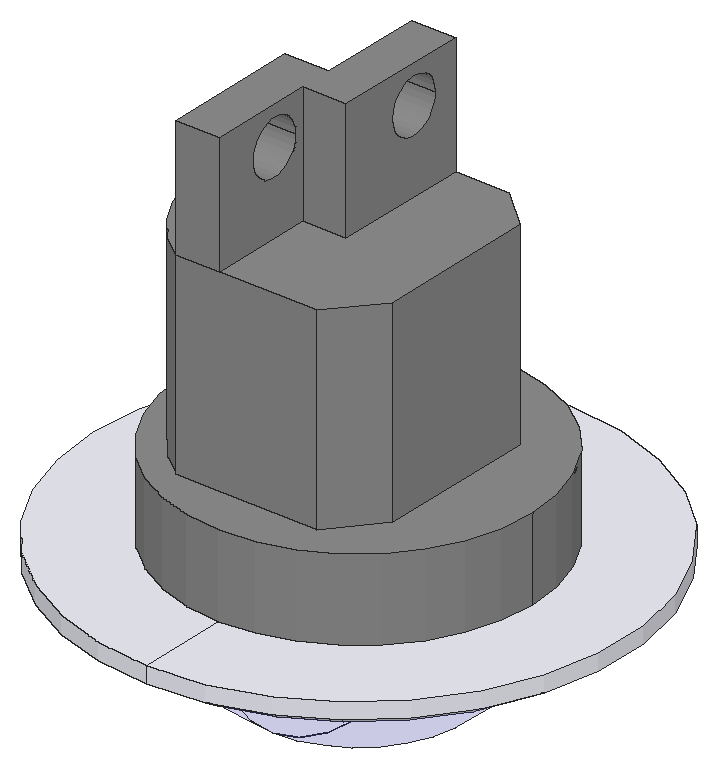
Revit family "PD4 FP types Sans hôte", category Dispositifs d'éclairage, Revit 2019
Family settings
  Conserver l'orientation des annotations = Non
  Cote de connecteur circulaire = Utiliser le diamètre
  Type d'élément = Normal
  Basée sur le plan de construction = Oui
  Toujours verticalement = Oui
  Couper avec des vides une fois chargée = Non
  Partagée = Non
  Point de calcul de pièce = Non
Parameters (values of type "01- PD4 FP Générique")
  Portée frontale [instance] = Position en hauteur * 3.2  # 800 cm
  Portée de biais [instance] = Position en hauteur * 9.6  # 2400 cm
  Hauteur de montage max préconisée [instance] = Hauteur de montage max  # 350 cm
  Hauteur de montage max = 350 cm
  Activitée assise [instance] = Position en hauteur * 2.56  # 640 cm
  Zone de detection [instance] = no
  URL = "https://www.beg-luxomat.com"
  Type de Sortie = ""
  Température ambiante = "-25°C à +50°C"
  Référence = ""
  Relais = ""
  Position en hauteur [instance] = 250 cm
  Mode de pose = "Faux Plafond"
  Etiquette [instance] = yes
  Modèle = "PD4 FP"
  Marque = "LUXOMAT"
  Image du type = 360°.jpg
  IP = "20"
  Fabricant = "B.E.G."
  Default Elevation = 0 cm
  Consommation = ""
  Commentaires du type = "DET.PRES.360°/Ø24M FAUX PLAFOND"
  Code d'assemblage = "D5010200"
  Classe = "II"
  Charge LED = ""
  Charge Cos ɸ =1 = ""
  Charge Cos ɸ =0.5 = ""
  Zone assise [instance] = Position en hauteur < 350.1 cm  # yes
  Alimentation = "110-240 V AC"
Types (29, lengths in cm): name | Type de Sortie | Température ambiante | Référence | Relais | Modèle | IP | Consommation | Commentaires du type | Charge LED | Charge Cos ɸ =1 | Charge Cos ɸ =0.5 | Alimentation
  (no name) | "" | "-25°C à +50°C" | "" | "" | "PD4 FP" | "20" | "" | "DET.PRES.360°/Ø24M FAUX PLAFOND" | "" | "" | "" | "110-240 V AC"
  01- PD4 FP Générique | "" | "-25°C à +50°C" | "" | "" | "PD4 FP" | "20" | "" | "DET.PRES.360°/Ø24M FAUX PLAFOND" | "" | "" | "" | "110-240 V AC"
  02- PD4N 1C FP réf 92149 | "TOR" | "-25°C à +50°C" | "92149" | "10 A" | "PD4N 1C FP" | "23" | "0,25 W" | "DET.MOUV.1 CONTACT.360°/Ø24M FAUX PLAFOND" | "300 W" | "2300 W" | "1150 VA" | "110-240 V AC"
  03- PD4 M 1C FP réf 92585 | "TOR" | "-25°C à +50°C" | "92585" | "10 A" | "PD4 M 1C FP" | "20" | "0,45 W" | "DET.PRES.MAITRE.1 CONTACT.360°/Ø24M FAUX PLAFOND" | "300 W" | "2300 W" | "1150 VA" | "110-240 V AC"
  04- PD4 M 2C FP réf 92148 | "TOR + CVC" | "-25°C à +50°C" | "92148" | "10 A / 3 A" | "PD4 M 2C FP" | "20" | "0,47 W" | "DET.PRES.MAITRE.2 CONTACTS.360°/Ø24M FAUX PLAFOND" | "300 W" | "2300 W" | "1150 VA" | "110-240 V AC"
  05- PD4 M 2C DUO FP réf 92251 | "2  TOR (1er jour/2ème jour)" | "-25°C à +50°C" | "92251" | "10 A" | "PD4 M 2C DUO FP" | "20" | "0,47 W" | "DET.PRES.MAITRE.DUO.2 CONTACTS.360°/Ø24M FAUX PLAFOND" | "300 W" | "2300 W" | "1150 VA" | "110-240 V AC"
  06- PD4 M 3C TRIO FP réf 92745 | "3  TOR (1er jour/2ème jour + Tableau ou CVC)" | "-25°C à +50°C" | "92745" | "16 A" | "PD4 M 3C TRIO FP" | "20" | "0,58 W" | "DET.PRES.MAITRE.TRIO.3 CONTACTS.360°/Ø24M FAUX PLAFOND" | "300 W" | "3000 W" | "1500 VA" | "110-240 V AC"
  13- PD4 M DIM FP réf 92247 | "DIM (50 ballasts maxi)" | "-25°C à +50°C" | "92247" | "10 A" | "PD4 M DIM FP" | "20" | "0,50 W" | "DET.PRES.MAITRE.DIM(1-10V).360°/Ø24M FAUX PLAFOND" | "300 W" | "2300 W" | "1150 VA" | "110-240 V AC"
  14- PD4 M DIM CVC FP réf 92507 | "DIM (50 ballasts maxi) + CVC" | "-25°C à +50°C" | "92507" | "10 A / 3 A" | "PD4 M DIM CVC FP" | "20" | "0,50 W" | "DET.PRES.MAITRE.DIM(1-10V) + CVC 3A.360°/Ø24M FAUX PLAFOND" | "300 W" | "2300 W" | "1150 VA" | "110-240 V AC"
  15- PD4 M DIM CVC 16A FP réf 92547 | "DIM (50 ballasts maxi) + CVC" | "-25°C à +50°C" | "92547" | "10 A / 16 A" | "PD4 M DIM CVC 16A FP" | "20" | "0,54 W" | "DET.PRES.MAITRE.DIM(1-10V) + CVC 16A.360°/Ø24M FAUX PLAFOND" | "300 W / 300 W" | "2300 W / 3000 W" | "1150 VA / 1500 VA" | "110-240 V AC"
  16- PD4 M DUO DIM FP réf 92272 | "2 DIM (25 ballasts maxi-1er jour/2ème jour)" | "-25°C à +50°C" | "92272" | "10 A" | "PD4 M DUO DIM FP" | "20" | "0,50 W" | "DET.PRES.MAITRE.DUO.2 DIM(1-10V).360°/Ø24M FAUX PLAFOND" | "300 W" | "2300 W" | "1150 VA" | "110-240 V AC"
  17- PD4 M TRIO DIM FP réf 92735 | "2 DIM (25 ballasts maxi-1er jour/2ème jour) + TOR (Tableau ou CVC)" | "-25°C à +50°C" | "92735" | "16 A" | "PD4 M TRIO DIM FP" | "20" | "0,78 W" | "DET.PRES.MAITRE.TRIO.2 DIM(1-10V) + TOR.360°/Ø24M FAUX PLAFOND" | "300 W" | "3000 W" | "1500 VA" | "110-240 V AC"
  07- PD4N M DACO FP réf 93460 | "DALI 2  (40 drivers maxi)" | "-25°C à +50°C" | "93460" | "0" | "PD4N M DACO FP" | "20" | "2 W" | "DET.PRES.MAITRE.DALI 2.360°/Ø24M FAUX PLAFOND" | "0" | "0" | "0" | "110-240 V AC"
  08- PD4N M DACO 1C FP réf 93463 | "DALI 2 (40 drivers maxi) + Contact NO" | "-25°C à +50°C" | "93463" | "10 A" | "PD4N M DACO 1C FP" | "20" | "2 W" | "DET.PRES.MAITRE.DALI 2 + CONTACT NO.360°/Ø24M FAUX PLAFOND" | "300 W" | "2300 W" | "1150 VA" | "110-240 V AC"
  09- PD4 M DUO DALI/DSI FP réf 92276 | "2 DALI (25 ballasts maxi-1er jour/2ème jour)" | "-25°C à +50°C" | "92276" | "0" | "PD4 M DUO DALI/DSI FP" | "20" | "0,50 W" | "DET.PRES.MAITRE.DUO.2 DALI/DSI.360°/Ø24M FAUX PLAFOND" | "0" | "0" | "0" | "110-240 V AC"
  10- PD4 M TRIO 2DALI/DSI 1C FP réf 92756 | "2 DALI (25 ballasts maxi-1er jour/2ème jour) + TOR (Tableau ou CVC)" | "-25°C à +50°C" | "92756" | "16 A" | "PD4 M TRIO 2 DALI/DSI 1C FP" | "20" | "0,78 W" | "DET.PRES.MAITRE.TRIO.2 DALI/DSI + TOR.360°/Ø24M FAUX PLAFOND" | "300 W" | "3000 W" | "1500 VA" | "110-240 V AC"
  11- PD4 M DAA4G FP réf 92591 | "DALI Adressable Autonome (64 ballasts maxi) + TOR" | "-25°C à +50°C" | "92591" | "10 A" | "PD4 M DAA4G FP" | "20" | "0.4 W" | "DET.PRES.MAITRE.DALI ADRESSABLE AUTONOME + TOR.360°/Ø24M FAUX PLAFOND" | "300 W" | "2300 W" | "1150 VA" | "110-240 V AC"
  28- PD4N LTMS RR FP réf 92709 | "Reed Relais" | "0°C à +50°C" | "92709" | "100 mA" | "PD4N LTMS RR FP" | "20" | "> 1 W" | "DET.PRES.11-48V.1 CONTACT.RR.360°/Ø24M FAUX PLAFOND" | "0" | "0" | "0" | "11-48 V DC"
  23- PD4N KNX ST FP réf 93384 | "KNX - 1 sortie Eclairage TOR ou GRADATION / 3 sorties Présence" | "-5°C à +45°C" | "93384" | "0" | "PD4N KNX ST FP" | "20" | "12 mA" | "DET.PRES.KNX.VERSION STANDARD.360°/Ø24M FAUX PLAFOND" | "0" | "0" | "0" | "24 V DC par bus KNX"
  24- PD4N KNX DX FP réf 93386 | "KNX - 1 sortie Eclairage TOR ou GRADATION / 3 sorties Présence / Capteur de température et bruit" | "-5°C à +45°C" | "93386" | "0" | "PD4N KNX DX FP" | "20" | "12 mA" | "DET.PRES.KNX.VERSION DELUXE.360°/Ø24M FAUX PLAFOND" | "0" | "0" | "0" | "24 V DC par bus KNX"
  27- PD4N LON FP réf 92831 | "LON" | "-5°C à +45°C" | "92831" | "0" | "PD4N LON FP" | "20" | "12 mA" | "DET.PRES.LON.360°/Ø24M FAUX PLAFOND" | "0" | "0" | "0" | "24 V DC par bus LON"
  22- PD4N BMS DALI 2 FP réf 93546 | "DALI 2 adressable - BMS" | "-25°C à +50°C" | "93546" | "0" | "PD4N BMS DALI 2 FP" | "20" | "7 mA" | "MULTI.CAPTEUR.PRES.BMS.DALI 2.360°/Ø24M FAUX PLAFOND" | "0" | "0" | "0" | "10-22V DC par bus DALI"
  18- PD4 S FP réf 92254 | "Esclave" | "-25°C à +50°C" | "92254" | "0" | "PD4 S FP" | "20" | "0,25 W" | "DET.PRES.ESCLAVE.360°/Ø24M FAUX PLAFOND" | "0" | "0" | "0" | "110-240 V AC"
  19- PD4 S DAA4G FP réf 92721 | "DALI Esclave" | "-25°C à +50°C" | "92721" | "0" | "PD4 S DAA4G FP" | "20" | "7 mA" | "DET.PRES.ESCLAVE.DALI.360°/Ø24M FAUX PLAFOND" | "0" | "0" | "0" | "22 V DC par bus DALI"
  12- PD4 M HCL2 FP réf 93484 | "DALI HCL Adressable Autonome (64 ballasts maxi) + TOR" | "-25°C à +50°C" | "93484" | "10 A" | "PD4 M HCL2 FP" | "20" | "0.4 W" | "DET.PRES.MAITRE.DALI HCL ADRESSABLE AUTONOME + TOR.360°/Ø24M FAUX PLAFOND" | "300 W" | "2300 W" | "1150 VA" | "110-240 V AC"
  20- PD4N DALILINK FP réf 93377 | "DALILINK" | "-25°C à +55°C" | "93377" | "0" | "PD4N DALILINK FP" | "20" | "7 mA" | "MULTI.CAPTEUR.PRES.DALILINK.360°/Ø24M FAUX PLAFOND" | "0" | "0" | "0" | "16V DC par bus DALI"
  21- PD4N DALISYS FP réf 93340 | "DALI adressable" | "-25°C à +55°C" | "93340" | "0" | "PD4N DALISYS FP" | "20" | "7 mA" | "MULTI.CAPTEUR.PRES.DALISYS.360°/Ø24M FAUX PLAFOND" | "0" | "0" | "0" | "10-22V DC par bus DALI"
  25- PD4N KNXs ST FP réf 93514 | "KNX Sécure - 1 sortie Eclairage TOR ou GRADATION / 3 sorties Présence / HCL" | "-5°C à +45°C" | "93514" | "0" | "PD4N KNXs ST FP" | "20" | "12 mA" | "DET.PRES.KNX Sécure.VERSION STANDARD.360°/Ø24M FAUX PLAFOND" | "0" | "0" | "0" | "24 V DC par bus KNX"
  26- PD4N KNXs DX FP réf 93516 | "KNX Sécure - 1 sortie Eclairage TOR ou GRADATION / 3 sorties Présence / Capteur de température et bruit / HCL" | "-5°C à +45°C" | "93516" | "0" | "PD4N KNXs DX FP" | "20" | "12 mA" | "DET.PRES.KNX Sécure.VERSION DELUXE.360°/Ø24M FAUX PLAFOND" | "0" | "0" | "0" | "24 V DC par bus KNX"
Reference planes (cm)
  plane 1 "Centre (avant/arrière)": y = 0
  plane 2: z = 0
  plane 3 "Centre (gauche/droite)": x = 0
Dimensions and locks (cm)
  aligned and locked: level to plane 2
  aligned and locked: nested 3 to plane 3 "Centre (gauche/droite)"
  aligned and locked: nested 3 to plane 1 "Centre (avant/arrière)"
  aligned and locked: nested 3 to nested 4  (x2)
Nested families (cm)
  nested 1: "Famille4" at (5.5, -61.8256, 0), visible <- "Etiquette", modèle <- "Modèle", référence <- "Référence", type "Famille4"
    with référence "", modèle "PD4 FP"
  nested 2: "Plafond 360° 2D" at (0, 0, 0), type "Plafond 360° 2D"
  nested 3: "zone H" at (0, 0, 0), biais <- "Portée de biais", frontal <- "Portée frontale", activité assise <- "Activitée assise", Zone assise <- "Zone assise", visible <- "Zone de detection", type "zone H"
    with position 2 320 cm, position 1 800 cm, frontal 800 cm, biais 2400 cm, activité assise 640 cm, Zone assise yes
  nested 4: "M15" at (0, 0, 0), type "Standard"
Connectors (cm)
  electrical at (0, 0, 0)
    settings: index 1, voltage 230 V, apparent load 0 VA, apparent load phase1 0 VA, apparent load phase2 0 VA, apparent load phase3 0 VA, power factor 1, load classification "Eclairage", number of poles 1, system type 31, power factor state 1, is connector primary yes, connector utility no, sub classification motor no, connector description ""
Definition of nested family "M15"
  Parameters (values of type "Standard")
    d98 = 0 cm
    d312 = 0 cm
    d106 = 0 cm
  Reference planes (cm)
    plane 1 "Centre (avant/arrière)": y = 0
    plane 2: z = 0
    plane 3 "Centre (gauche/droite)": x = 0
    plane 4: x = 0
  Forms (cm)
    Revolve 1, solid, not visible
      sketch origin (0, 0, 0) x (0, -1, 0) y (0, 0, 1)
        loop
          line (0, 0) -> (0, 0.8) -> (-3.2, 0.8)
          arc (-3.2, 0.8) -> (-4.0714, 0.7033) -> (-4.85, 0.3) r 2.4
          line (-4.85, 0.3) -> (-4.85, 0) -> (0, 0)
        axis (0, 0.8) -> (0, 0)
      angle from 0 to 360
    Revolve 2, solid, not visible
      sketch origin (0, 0, 0) x (0, -1, 0) y (0, 0, 1)
        loop
          arc (0, 3) -> (-1.9416, 2.3969) -> (-3.2, 0.8) r 3.4273
          line (-3.2, 0.8) -> (0, 0.8) -> (0, 3)
        axis (0, 0.8) -> (0, 3)
      angle from 0 to 360
    Extrusion 3, solid, not visible
      sketch origin (0, 4.85, 0) x (0, 1, 0) y (1, 0, 0)
        loop
          circle (-4.85, 0) r 3.2
      from 0 to 1.5
    Extrusion 4, solid, not visible
      sketch origin (0, 4.85, -1.5) x (1, 0, 0) y (0, -1, 0)
        loop
          line (1.8, 6.3) -> (1.0868, 7.15) -> (-1.5, 7.15)
          arc (-1.5, 7.15) -> (-2.7144, 4.95) -> (-1.5, 2.75) r 2.6
          line (-1.5, 2.75) -> (1.0868, 2.75) -> (1.8, 3.4) -> (1.8, 6.3)
      from 0 to 3.6
    Extrusion 5, solid, not visible
      sketch origin (1.8, -1.45, -5.1) x (-1, 0, 0) y (0, 1, 0)
        loop
          line (3.3, -0.85) -> (3.3, 1.65) -> (2.5, 1.65) -> (2.5, 3.55) -> (1.7, 3.55) -> (1.7, 1.05) -> (2.5, 1.05) -> (2.5, -0.85) -> (3.3, -0.85)
      from 0 to 2.2
    Extrusion 6, void, not visible
      sketch origin (-1.5, -2.3, -7.3) x (0, 0, 1) y (0, 1, 0)
        loop
          circle (0.7, 1.25) r 0.5
        loop
          circle (0.7, 3.45) r 0.5
      from 0 to -5.875
    Revolve 7, solid
      sketch origin (0, 0, 0) x (0, 1, 0) y (0, 0, -1)
        loop
          line (0, 0) -> (4.85, 0) -> (4.85, 0.3)
          arc (4.85, 0.3) -> (4.0714, 0.7033) -> (3.2, 0.8) r 2.4
          line (3.2, 0.8) -> (0, 0.8) -> (0, 0)
        axis (0, 0.8) -> (0, 0)
      angle from 0 to 360
    Revolve 8, solid
      sketch origin (0, 0, 0) x (0, 1, 0) y (0, 0, -1)
        loop
          line (0, 3) -> (0, 0.8) -> (3.2, 0.8)
          arc (3.2, 0.8) -> (1.9416, 2.3969) -> (0, 3) r 3.4273
        axis (0, 0.8) -> (0, 3)
      angle from 0 to 360
    Extrusion 9, solid
      sketch origin (0, -4.85, 0) x (-1, 0, 0) y (0, -1, 0)
        loop
          circle (0, -4.85) r 3.2
      from 0 to 1.5
    Extrusion 10, solid
      sketch origin (0, -4.85, 1.5) x (0, -1, 0) y (1, 0, 0)
        loop
          line (-3.4, 1.8) -> (-6.3, 1.8) -> (-6.95, 1.0868) -> (-6.95, -1.5)
          arc (-6.95, -1.5) -> (-4.75, -2.7144) -> (-2.55, -1.5) r 2.6
          line (-2.55, -1.5) -> (-2.55, 1.0868) -> (-3.4, 1.8)
      from 0 to 3.6
    Extrusion 11, solid
      sketch origin (1.8, 1.45, 5.1) x (0, 1, 0) y (-1, 0, 0)
        loop
          line (-3.75, 3.3) -> (-3.75, 2.5) -> (-1.85, 2.5) -> (-1.85, 1.7) -> (0.65, 1.7) -> (0.65, 2.5) -> (-1.25, 2.5) -> (-1.25, 3.3) -> (-3.75, 3.3)
      from 0 to 2.2
    Extrusion 12, void
      sketch origin (-1.5, 2.3, 7.3) x (0, 0, -1) y (0, -1, 0)
        loop
          circle (0.7, 3.35) r 0.5
        loop
          circle (0.7, 1.15) r 0.5
      from 0 to -5.875
  Cuts and joins
    Extrusion 12 cuts Extrusion 11
  Dimensions and locks (cm)
    aligned and locked: level to plane 2
Definition of nested family "Famille4"
  Parameters (values of type "Famille4")
    référence [instance] = ""
    modèle [instance] = ""
  Reference planes (cm)
    plane 1: y = 0
    plane 2: x = 0
  Text (cm)
    label "référence\nmodèle" at (-0.0547, 0.0091, 0), shows "référence", "modèle"
Definition of nested family "Plafond 360° 2D"
  Reference planes (cm)
    plane 1: y = 0
    plane 2: x = 0
  Lines and regions (cm)
    Filled region 1, type "rouge"
      outline origin (0, 0, 0) x (1, 0, 0) y (0, 1, 0)
        loop
          circle (0, 0) r 0.0294
    detail lines
      curve 1: arc (-0.1732, 0.1, 0) -> (-0.2, 0, 0) -> (-0.1732, -0.1, 0) r 0.2
      curve 2: arc (-0.1, -0.1732, 0) -> (0, -0.2, 0) -> (0.1, -0.1732, 0) r 0.2
      curve 3: arc (0.1732, -0.1, 0) -> (0.2, 0, 0) -> (0.1732, 0.1, 0) r 0.2
      curve 4: arc (0.1, 0.1732, 0) -> (0, 0.2, 0) -> (-0.1, 0.1732, 0) r 0.2
      curve 5: arc (-0.1375, 0.0794, 0) -> (-0.1588, 0, 0) -> (-0.1375, -0.0794, 0) r 0.1588
      curve 6: arc (-0.0794, -0.1375, 0) -> (0, -0.1588, 0) -> (0.0794, -0.1375, 0) r 0.1588
      curve 7: arc (0.1375, -0.0794, 0) -> (0.1588, 0, 0) -> (0.1375, 0.0794, 0) r 0.1588
      curve 8: arc (0.0794, 0.1375, 0) -> (0, 0.1588, 0) -> (-0.0794, 0.1375, 0) r 0.1588
      curve 9: arc (-0.1019, 0.0588, 0) -> (-0.1176, 0, 0) -> (-0.1019, -0.0588, 0) r 0.1176
      curve 10: arc (-0.0588, -0.1019, 0) -> (0, -0.1176, 0) -> (0.0588, -0.1019, 0) r 0.1176
      curve 11: arc (0.1019, -0.0588, 0) -> (0.1176, 0, 0) -> (0.1019, 0.0588, 0) r 0.1176
      curve 12: arc (0.0588, 0.1019, 0) -> (0, 0.1176, 0) -> (-0.0588, 0.1019, 0) r 0.1176
      curve 13: arc (-0.0294, 0, 0) -> (0, -0.0294, 0) -> (0.0294, 0, 0) r 0.0294
      curve 14: arc (0.0294, 0, 0) -> (0, 0.0294, 0) -> (-0.0294, 0, 0) r 0.0294
Definition of nested family "zone H"
  Parameters (values of type "zone H")
    position 2 [instance] = (frontal / 2) * 0.8  # 320 cm
    position 1 [instance] = ((biais / 2) + (frontal / 2)) / 2  # 800 cm
    frontal [instance] = 800 cm
    biais [instance] = 2400 cm
    activité assise [instance] = 640 cm
    Zone assise [instance] = yes
  Reference planes (cm)
    plane 1 "Centre (avant/arrière)": y = 0
    plane 2: z = 0
    plane 3 "Centre (gauche/droite)": x = 0
    plane 4: x = -800
    plane 5: y = -320
  Lines and regions (cm)
    detail lines, in view "Niveau de réf.", visible <- "Zone assise"
      curve 1: circle (0, 0, 0) r 320 normal (0, 0, 1)
      curve 4: spline (-159.1609, 35.3835, 0) -> (-158.2494, 35.2529, 0) -> (-157.3931, 34.8281, 0) -> (-156.6502, 34.138, 0) -> (-156.0714, 33.2297, 0) -> (-155.6961, 32.165, 0) -> (-155.55, 31.0166, 0) -> (-155.643, 29.8626, 0) -> (-155.9687, 28.7818, 0) -> (-156.5049, 27.8477, 0) -> (-157.2152, 27.1241, 0) -> (-158.051, 26.6602, 0) -> (-158.9555, 26.4877, 0) -> (-159.867, 26.6183, 0) -> (-160.7234, 27.0431, 0) -> (-161.4663, 27.7332, 0) -> (-162.0451, 28.6415, 0) -> (-162.4203, 29.7062, 0) -> (-162.5664, 30.8546, 0) -> (-162.4735, 32.0085, 0) -> (-162.1478, 33.0894, 0) -> (-161.6115, 34.0234, 0) -> (-160.9013, 34.7471, 0) -> (-160.0654, 35.211, 0) -> (-159.1609, 35.3835, 0)
      curve 12: line (-159, 26, 0) -> (-159, 0, 0)
      curve 13: line (-159, 0, 0) -> (-142, 0, 0)
      curve 14: line (-142, 0, 0) -> (-142, -21, 0)
      curve 15: line (-159, 22.2972, 0) -> (-146.1203, 15.4489, 0)
      curve 16: line (-169.5298, 20.3537, 0) -> (-164.6439, -2.6328, 0)
      curve 17: line (-164.6439, -2.6328, 0) -> (-144.0082, -2.6328, 0)
      curve 18: line (-149.8164, -2.6328, 0) -> (-149.8164, -21, 0)
      curve 19: line (-161.3261, -2.6328, 0) -> (-161.3261, -21, 0)
      curve 31: line (-149.8151, 8.5, 0) -> (-123.3151, 8.5, 0)
      curve 32: line (-128, 8.5, 0) -> (-128, -21, 0)
      curve 35: line (-134.5, 8.5, 0) -> (-134.5, -21, 0)
    detail lines, in view "Niveau de réf."
      curve 2: circle (0, 0, 0) r 400 normal (0, 0, 1)
      curve 3: circle (0, 0, 0) r 1200 normal (0, 0, 1)
      curve 6: line (-800, -57.4473, 0) -> (-800, 25.4977, 0)
      curve 7: line (-800, 25.4977, 0) -> (-822.1638, -2.8706, 0)
      curve 10: line (0, -402.945, 0) -> (0, -320, 0)
      curve 11: line (0, -320, 0) -> (-22.1638, -348.3684, 0)
      curve 28: line (-800, 25.4977, 0) -> (-777.8362, -2.8706, 0)
      curve 29: line (0, -320, 0) -> (22.1638, -348.3684, 0)
    detail lines, in view "Niveau de réf.", visible <- "Zone assise", not visible
      curve 5: spline (932.3619, 15.8637, 0) -> (933.2734, 15.7331, 0) -> (934.1297, 15.3083, 0) -> (934.8726, 14.6182, 0) -> (935.4514, 13.7099, 0) -> (935.8267, 12.6452, 0) -> (935.9728, 11.4968, 0) -> (935.8798, 10.3428, 0) -> (935.5541, 9.262, 0) -> (935.0179, 8.3279, 0) -> (934.3076, 7.6043, 0) -> (933.4718, 7.1404, 0) -> (932.5673, 6.9679, 0) -> (931.6558, 7.0985, 0) -> (930.7994, 7.5233, 0) -> (930.0565, 8.2134, 0) -> (929.4777, 9.1217, 0) -> (929.1025, 10.1864, 0) -> (928.9564, 11.3348, 0) -> (929.0493, 12.4888, 0) -> (929.375, 13.5696, 0) -> (929.9113, 14.5037, 0) -> (930.6215, 15.2273, 0) -> (931.4574, 15.6912, 0) -> (932.3619, 15.8637, 0)
      curve 20: line (932.5228, 6.4802, 0) -> (932.5228, -19.5198, 0)
      curve 21: line (932.5228, -19.5198, 0) -> (949.5228, -19.5198, 0)
      curve 22: line (949.5228, -19.5198, 0) -> (949.5228, -40.5198, 0)
      curve 23: line (932.5228, 2.7774, 0) -> (945.4025, -4.0709, 0)
      curve 24: line (921.993, 0.8339, 0) -> (926.8789, -22.1526, 0)
      curve 25: line (926.8789, -22.1526, 0) -> (947.5146, -22.1526, 0)
      curve 26: line (941.7064, -22.1526, 0) -> (941.7064, -40.5198, 0)
      curve 27: line (930.1967, -22.1526, 0) -> (930.1967, -40.5198, 0)
      curve 33: line (941.7077, -11.0198, 0) -> (968.2077, -11.0198, 0)
      curve 34: line (963.5228, -11.0198, 0) -> (963.5228, -40.5198, 0)
      curve 36: line (957.0228, -11.0198, 0) -> (957.0228, -40.5198, 0)
    detail lines, in view "Niveau de réf.", not visible
      curve 8: line (628.0656, -64.277, 0) -> (628.0656, 18.6681, 0)
      curve 9: line (628.0656, 18.6681, 0) -> (605.9018, -9.7003, 0)
      curve 30: line (628.0656, 18.6681, 0) -> (650.2294, -9.7003, 0)
  Dimensions and locks (cm)
    "position 1": plane 4 to plane 3 "Centre (gauche/droite)"
    "position 2": plane 5 to plane 1 "Centre (avant/arrière)"
    "activité assise": diameter of curve 1
    "biais": diameter of curve 3
    "frontal": diameter of curve 2
    aligned and locked: plane 4 to curve 6
    aligned and locked: curve 10 to plane 3 "Centre (gauche/droite)"
    aligned and locked: plane 5 to curve 29
    aligned and locked: curve 14 to plane 1 "Centre (avant/arrière)"
  Automatic sketch dimensions
    curve 7 to curve 7 = 22.1638 cm
    curve 6 to curve 28 = 22.1638 cm
    curve 28 to curve 7 = 28.3684 cm
    curve 7 to curve 7 = 28.3684 cm
    curve 6 to curve 7 = 54.5767 cm
    curve 11 to curve 11 = 22.1638 cm
    curve 10 to curve 29 = 22.1638 cm
    curve 29 to curve 11 = 28.3684 cm
    curve 11 to curve 11 = 28.3684 cm
    curve 10 to curve 11 = 54.5767 cm
    curve 9 to curve 9 = 22.1638 cm
    curve 8 to curve 30 = 22.1638 cm
    curve 30 to curve 9 = 28.3684 cm
    curve 9 to curve 9 = 28.3684 cm
    curve 8 to curve 9 = 54.5767 cm
    curve 16 to curve 12 = 5.6439 cm
    curve 12 to curve 14 = 17 cm
    curve 19 to curve 13 = 2.6328 cm
    curve 16 to curve 15 = 10.5298 cm
    curve 16 to curve 19 = 3.3178 cm
    curve 4 to curve 12 = 0.1609 cm
    curve 4 to curve 4 = 0.1027 cm
    curve 18 to curve 13 = 7.8164 cm
    curve 18 to curve 31 = 0.0013 cm
    curve 31 to curve 15 = 3.6948 cm
    curve 17 to curve 13 = 2.0082 cm
    curve 13 to curve 35 = 7.5 cm
    curve 35 to curve 32 = 6.5 cm
    curve 32 to curve 31 = 4.6849 cm
    curve 35 to curve 17 = 18.3672 cm
    curve 18 to curve 35 = 0 cm
    curve 14 to curve 35 = 0 cm
    curve 19 to curve 18 = 0 cm
    curve 35 to curve 32 = 0 cm
    curve 13 to curve 31 = 8.5 cm
    curve 31 to curve 15 = 6.9489 cm
    curve 12 to curve 16 = 20.3537 cm
    curve 16 to curve 15 = 1.9435 cm
    curve 15 to curve 12 = 3.7028 cm
    curve 12 to curve 4 = 4.9356 cm
    curve 24 to curve 20 = 5.6439 cm
    curve 20 to curve 22 = 17 cm
    curve 27 to curve 21 = 2.6328 cm
    curve 24 to curve 23 = 10.5298 cm
    curve 24 to curve 27 = 3.3178 cm
    curve 5 to curve 20 = 0.1609 cm
    curve 5 to curve 5 = 0.1027 cm
    curve 26 to curve 21 = 7.8164 cm
    curve 26 to curve 33 = 0.0013 cm
    curve 33 to curve 23 = 3.6948 cm
    curve 25 to curve 21 = 2.0082 cm
    curve 21 to curve 36 = 7.5 cm
    curve 36 to curve 34 = 6.5 cm
    curve 34 to curve 33 = 4.6849 cm
    curve 36 to curve 25 = 18.3672 cm
    curve 26 to curve 36 = 0 cm
    curve 22 to curve 36 = 0 cm
    curve 27 to curve 26 = 0 cm
    curve 36 to curve 34 = 0 cm
    curve 21 to curve 33 = 8.5 cm
    curve 33 to curve 23 = 6.9489 cm
    curve 20 to curve 24 = 20.3537 cm
    curve 24 to curve 23 = 1.9435 cm
    curve 23 to curve 20 = 3.7028 cm
    curve 20 to curve 5 = 4.9356 cm
    curve 1 to curve 2 = 0 cm  (x2)
    curve 1 to curve 3 = 0 cm  (x2)
    curve 2 to curve 3 = 0 cm  (x2)
    plane 1 "Centre (avant/arrière)" to curve 2 = 0 cm
    curve 2 to plane 3 "Centre (gauche/droite)" = 0 cm
